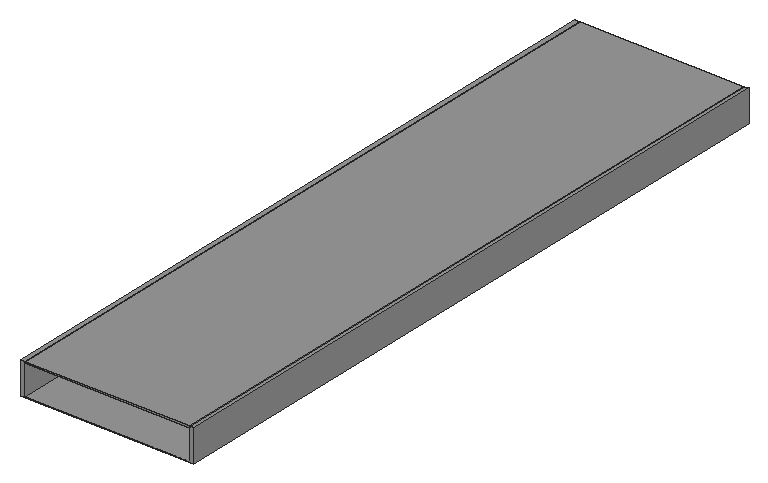
Revit family "OKA-W, Kanaleinheit, blind, rastend, Höhe 60-110mm", category Generic Models, Revit 2015
Parameters (values of type "OKA-W6006050R")
  Width = 600 mm
  URL = "http://www.obo-bettermann.com"
  Material = Steel, Galvanized
  Manufacturer Art. No. = "7424488"
  Manufacturer = "OBO Bettermann"
  Length [instance] = 2400 mm
  HeightCalc [instance] = if(Height < 60 mm, 60 mm, (if(Height > 110 mm, 110 mm, Height)))  # 110 mm
  Height [instance] = 140 mm
  GTIN = "4012195244462"
  Article Type = "OKA-W6006050R"
Types (6, lengths in mm): name | Width | Manufacturer Art. No. | Height | GTIN | Article Type
  (no name) | 600 | "7424488" | 140 | "4012195244462" | "OKA-W6006050R"
  OKA-W2006050R | 200 | "7424480" | 140 | "4012195244424\r\n\r\n4012195244424\r\n4012195244424" | "OKA-W2006050R"
  OKA-W3006050R | 300 | "7424482" | 140 | "4012195244431\r\n\r\n4012195244431\r\n\r\n4012195244431\r\n\r\n4012195244431\r\n\r\n4012195244431\r\n4012195244431" | "OKA-W3006050R"
  OKA-W4006050R | 400 | "7424484" | 110 | "4012195244448\r\n\r\n4012195244448\r\n\r\n2.4\r\n4012195244448" | "OKA-W4006050R"
  OKA-W5006050R | 500 | "7424486\r\n\r\n7424486" | 140 | "4012195244455" | "OKA-W5006050R"
  OKA-W6006050R | 600 | "7424488" | 140 | "4012195244462" | "OKA-W6006050R"
Reference planes
  plane 1 "Center (Front/Back)": y = 0
  plane 2: z = 0
  plane 3 "Center (Left/Right)": x = 0
  plane 4: z = 110
  plane 5: y = -2400
  plane 6: x = 300
  plane 7: x = -300
Forms (mm)
  Extrusion 1, solid, material "Aluminum 6061"
    sketch origin (0, 0, 0) x (1, 0, 0) y (0, 0, 1)
      loop
        line (285, 110) -> (285, 1) -> (-285, 1) -> (-285, 110) -> (-300, 110) -> (-300, 0) -> (300, 0) -> (300, 110) -> (285, 110)
    from 0 to 2400
  Extrusion 2, solid, material "Steel, Galvanized" <- "Material"
    sketch origin (0, 0, 0) x (1, 0, 0) y (0, 0, 1)
      loop
        line (285, 106) -> (285, 110) -> (-285, 110) -> (-285, 106) -> (285, 106)
    from 0 to 2400
Lines and regions (mm)
  model lines
    curve 1: line (-300, 0, 110) -> (-285, 0, 110)
    curve 2: line (-285, 0, 110) -> (-285, 0, 0)
    curve 3: line (-285, 0, 0) -> (-535, 0, 0)
    curve 4: line (-535, 0, 0) -> (-535, 0, 1)
    curve 5: line (-535, 0, 1) -> (-300, 0, 1)
    curve 6: line (-300, 0, 1) -> (-300, 0, 110)
    curve 7: line (285, 0, 110) -> (285, 0, 0)
    curve 8: line (285, 0, 0) -> (535, 0, 0)
    curve 9: line (535, 0, 0) -> (535, 0, 1)
    curve 10: line (535, 0, 1) -> (300, 0, 1)
    curve 11: line (300, 0, 1) -> (300, 0, 110)
    curve 12: line (300, 0, 110) -> (285, 0, 110)
    curve 13: line (285, 0, 110) -> (285, 0, 0)
    curve 14: line (-285, 0, 0) -> (-285, 0, 110)
    curve 15: line (-285, 0, 110) -> (285, 0, 110)
    curve 16: line (-285, 0, 106) -> (285, 0, 106)
Dimensions and locks
  locked: curve 5 to curve 3 at 1
  locked: curve 2 to curve 6 at 15
  locked: curve 10 to curve 8 at 1
  locked: curve 2 to curve 4 at 250
  locked: curve 9 to curve 7 at 250
  locked: curve 11 to curve 7 at 15
  "Length": plane 1 "Center (Front/Back)" to plane 5
  equal spacing: plane 7, plane 3 "Center (Left/Right)", plane 6
  "Width": plane 7 to plane 6
  "HeightCalc": level to plane 4
  locked: curve 16 to curve 15 at 4
  aligned and locked: level to plane 2
  aligned and locked: level to curve 3
  aligned and locked: curve 6 to plane 7
  aligned and locked: curve 11 to plane 6
  aligned and locked: plane 4 to curve 1
  aligned and locked: curve 8 to level
  aligned and locked: Extrusion 1 sketch curve to curve 13
  aligned and locked: Extrusion 1 sketch curve to curve 12
  aligned and locked: Extrusion 1 sketch curve to curve 11
  aligned and locked: Extrusion 1 sketch curve to curve 6
  aligned and locked: curve 14 to Extrusion 1 sketch curve
  aligned and locked: Extrusion 1 sketch curve to curve 1
  aligned and locked: Extrusion 1 to plane 5
  aligned and locked: Extrusion 2 sketch curve to curve 16
  aligned and locked: Extrusion 2 sketch curve to curve 15
  aligned and locked: Extrusion 2 sketch curve to curve 2
  aligned and locked: Extrusion 2 sketch curve to curve 7
  aligned and locked: Extrusion 2 to plane 5
  aligned and locked: curve 5 to Extrusion 1 sketch curve
Automatic sketch dimensions
  Extrusion 1 sketch curve to level = 0 mm
